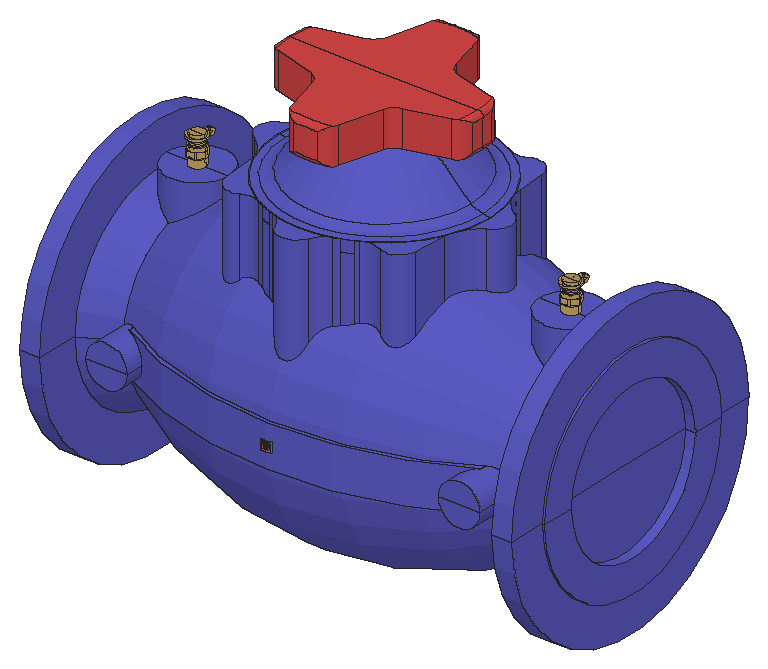
Revit family "Strangregulierventil für Differenzdruckmessung, Geradsitzform 4218 GMF", category Rohrzubehör, Revit 2018 (continued)
Definition of nested family "Messstutzen_Band_Austritt_senkrecht_(oben 25)"
  Forms (mm)
    Extrusion 4, solid, detail levels fine
      sketch origin (12.045, 0, 25.83) x (0, 1, 0) y (0.906308, 0, -0.422618)
        loop
          arc (5.505, -3.906) -> (7.288, -2.358) -> (9.582, -1.8) r 5
          line (9.582, -1.8) -> (9.582, 1.8)
          arc (9.582, 1.8) -> (7.288, 2.358) -> (5.505, 3.906) r 5
          arc (5.505, 3.906) -> (-6.75, 0) -> (5.505, -3.906) r 6.75
      from 0 to -1.5
    Extrusion 5, solid, detail levels fine
      sketch origin (14.022, 0, 30.07) x (0, 1, 0) y (0.906308, 0, -0.422618)
        loop
          circle (0, 0) r 6.1
        loop
          arc (8.652, -4.495) -> (10.493, -2.527) -> (13.089, -1.8) r 5
          line (13.089, -1.8) -> (13.089, 1.8)
          arc (13.089, 1.8) -> (10.493, 2.527) -> (8.652, 4.495) r 5
          arc (8.652, 4.495) -> (-9.75, 0) -> (8.652, -4.495) r 9.75
      from 0 to -1.5
    Sweep 6, solid, detail levels fine
      path origin (0.876, 0.242, 1.118) x (-0.422618, 0, -0.906308) y (0, 1, 0)
        loop
          line (-27.75, 9.582) -> (-27.75, 14.522)
          arc (-27.75, 14.522) -> (-30.089, 16.862) -> (-32.428, 14.522) r 2.339
          line (-32.428, 14.522) -> (-32.428, 13.089)
      profile origin (12.603, 12.294, 26.268) x (0.422618, 0, 0.906308) y (0.906308, 0, -0.422618)
        loop
          line (-0.75, -1.8) -> (0.75, -1.8) -> (0.75, 1.8) -> (-0.75, 1.8) -> (-0.75, -1.8)
  Dimensions and locks
    aligned and locked: level to plane 2
Definition of nested family "Messstutzen_Band_Austritt_senkrecht_(oben 0.8)"
  Parameters (values of type "Messstutzen_Band_Austritt_senkrecht_(oben 0.8)")
    URL = "www.herz-armaturen.at"
    Schutzkappe [instance] = yes
    Nennweite [instance] = 0.00 mm
    Manufacturer = "Herz Armaturen GmbH"  # constant formula
    Gewicht [instance] = 0.00 kg
    Bestellnummer [instance] = 0
  Reference planes
    plane 1 "Mitte (Vorne/hinten)": y = 0
    plane 2: z = 0
    plane 3 "Mitte (Links/rechts)": x = 0
  Forms (mm)
    Revolve 1, solid, detail levels fine
      sketch origin (0, 0, 0) x (0.999903, 0, -0.013962) y (0.013962, 0, 0.999903)
        loop
          line (-7.4, 9) -> (-5.55, 9) -> (-5.55, 6)
          arc (-5.55, 6) -> (-5.626, 5.617) -> (-5.843, 5.293) r 1
          line (-5.843, 5.293) -> (-6.455, 4.681) -> (-6.455, 0.9) -> (-5.555, 0) -> (-2, 0) -> (-2, 17.5) -> (-8.4, 17.5)
          arc (-8.4, 17.5) -> (-7.693, 17.207) -> (-7.4, 16.5) r 1
          line (-7.4, 16.5) -> (-7.4, 9)
        loop
          line (-3.7, 27) -> (-7.3, 27) -> (-7.9, 26.4) -> (-7.9, 23) -> (-2, 23) -> (-2, 35.8) -> (-3.805, 35.8) -> (-4.415, 35.19) -> (-4.415, 30.863) -> (-3.7, 30.45) -> (-3.7, 27)
        axis (0, 0) -> (0, 35.8)
      angle from 0 to 360
    Extrusion 2, solid, detail levels fine
      sketch origin (0.244, 0, 17.498) x (0, 1, 0) y (-0.999903, 0, 0.013962)
        loop
          arc (-7.07, 5.156) -> (-7.578, 4.375) -> (-8, 3.544) r 8.75
          line (-8, 3.544) -> (-8, -3.544)
          arc (-8, -3.544) -> (-7.578, -4.375) -> (-7.07, -5.156) r 8.75
          line (-7.07, -5.156) -> (-0.93, -8.7)
          arc (-0.93, -8.7) -> (0, -8.75) -> (0.93, -8.7) r 8.75
          line (0.93, -8.7) -> (7.07, -5.156)
          arc (7.07, -5.156) -> (7.578, -4.375) -> (8, -3.544) r 8.75
          line (8, -3.544) -> (8, 3.544)
          arc (8, 3.544) -> (7.578, 4.375) -> (7.07, 5.156) r 8.75
          line (7.07, 5.156) -> (0.93, 8.7)
          arc (0.93, 8.7) -> (0, 8.75) -> (-0.93, 8.7) r 8.75
          line (-0.93, 8.7) -> (-7.07, 5.156)
      from 0 to 5.5
    Revolve 3, solid, visible <- "Schutzkappe", detail levels fine
      sketch origin (0, 0, 0) x (0.999903, 0, -0.013962) y (0.013962, 0, 0.999903)
        loop
          line (0, 35.878) -> (0, 36.678) -> (-7, 36.678) -> (-7, 33.378) -> (-6.1, 33.378) -> (-6.1, 31.678) -> (-6.9, 31.678) -> (-6.9, 30.178) -> (-4.415, 30.178) -> (-4.415, 35.268) -> (-3.805, 35.878) -> (0, 35.878)
        axis (0, 30.178) -> (0, 36.678)
      angle from 0 to 360
    Extrusion 4, solid, detail levels fine
      sketch origin (0.398, 0, 28.497) x (0, 1, 0) y (0.999903, 0, -0.013962)
        loop
          circle (0, 0) r 3.7
        loop
          arc (5.505, -3.906) -> (7.288, -2.358) -> (9.582, -1.8) r 5
          line (9.582, -1.8) -> (9.582, 1.8)
          arc (9.582, 1.8) -> (7.288, 2.358) -> (5.505, 3.906) r 5
          arc (5.505, 3.906) -> (-6.75, 0) -> (5.505, -3.906) r 6.75
      from 0 to -1.5
    Extrusion 5, solid, detail levels fine
      sketch origin (0.463, 0, 33.175) x (0, 1, 0) y (0.999903, 0, -0.013962)
        loop
          circle (0, 0) r 6.1
        loop
          arc (8.652, -4.495) -> (10.493, -2.527) -> (13.089, -1.8) r 5
          line (13.089, -1.8) -> (13.089, 1.8)
          arc (13.089, 1.8) -> (10.493, 2.527) -> (8.652, 4.495) r 5
          arc (8.652, 4.495) -> (-9.75, 0) -> (8.652, -4.495) r 9.75
      from 0 to -1.5
    Sweep 6, solid, detail levels fine
      path origin (0.514, 0.493, 1.007) x (-0.013962, 0, -0.999903) y (0, 1, 0)
        loop
          line (-27.75, 9.582) -> (-27.75, 14.522)
          arc (-27.75, 14.522) -> (-30.089, 16.862) -> (-32.428, 14.522) r 2.339
          line (-32.428, 14.522) -> (-32.428, 13.089)
      profile origin (0.901, 12.545, 28.754) x (0.013962, 0, 0.999903) y (0.999903, 0, -0.013962)
        loop
          line (-0.75, -1.8) -> (0.75, -1.8) -> (0.75, 1.8) -> (-0.75, 1.8) -> (-0.75, -1.8)
  Dimensions and locks
    aligned and locked: level to plane 2
Definition of nested family "Messstutzen_Band_Eintritt_senkrecht_(oben 10)"
  Parameters (values of type "Messstutzen_Band_Eintritt_senkrecht_(oben 10)")
    URL = "www.herz-armaturen.at"
    Schutzkappe [instance] = yes
    Nennweite [instance] = 0.00 mm
    Manufacturer = "Herz Armaturen GmbH"  # constant formula
    Gewicht [instance] = 0.00 kg
    Bestellnummer [instance] = 0
  Reference planes
    plane 1 "Mitte (Vorne/hinten)": y = 0
    plane 2: z = 0
    plane 3 "Mitte (Links/rechts)": x = 0
  Forms (mm)
    Revolve 1, solid, detail levels fine
      sketch origin (0, 0, 0) x (0.984808, 0, 0.173648) y (-0.173648, 0, 0.984808)
        loop
          line (-7.4, 9) -> (-5.55, 9) -> (-5.55, 6)
          arc (-5.55, 6) -> (-5.626, 5.617) -> (-5.843, 5.293) r 1
          line (-5.843, 5.293) -> (-6.455, 4.681) -> (-6.455, 0.9) -> (-5.555, 0) -> (-2, 0) -> (-2, 17.5) -> (-8.4, 17.5)
          arc (-8.4, 17.5) -> (-7.693, 17.207) -> (-7.4, 16.5) r 1
          line (-7.4, 16.5) -> (-7.4, 9)
        loop
          line (-3.7, 27) -> (-7.3, 27) -> (-7.9, 26.4) -> (-7.9, 23) -> (-2, 23) -> (-2, 35.8) -> (-3.805, 35.8) -> (-4.415, 35.19) -> (-4.415, 30.863) -> (-3.7, 30.45) -> (-3.7, 27)
        axis (0, 0) -> (0, 35.8)
      angle from 0 to 360
    Extrusion 2, solid, detail levels fine
      sketch origin (-3.039, 0, 17.234) x (0, 1, 0) y (-0.984808, 0, -0.173648)
        loop
          arc (-7.07, 5.156) -> (-7.578, 4.375) -> (-8, 3.544) r 8.75
          line (-8, 3.544) -> (-8, -3.544)
          arc (-8, -3.544) -> (-7.578, -4.375) -> (-7.07, -5.156) r 8.75
          line (-7.07, -5.156) -> (-0.93, -8.7)
          arc (-0.93, -8.7) -> (0, -8.75) -> (0.93, -8.7) r 8.75
          line (0.93, -8.7) -> (7.07, -5.156)
          arc (7.07, -5.156) -> (7.578, -4.375) -> (8, -3.544) r 8.75
          line (8, -3.544) -> (8, 3.544)
          arc (8, 3.544) -> (7.578, 4.375) -> (7.07, 5.156) r 8.75
          line (7.07, 5.156) -> (0.93, 8.7)
          arc (0.93, 8.7) -> (0, 8.75) -> (-0.93, 8.7) r 8.75
          line (-0.93, 8.7) -> (-7.07, 5.156)
      from 0 to 5.5
    Revolve 3, solid, visible <- "Schutzkappe", detail levels fine
      sketch origin (0, 0, 0) x (0.984808, 0, 0.173648) y (-0.173648, 0, 0.984808)
        loop
          line (0, 35.878) -> (0, 36.678) -> (-7, 36.678) -> (-7, 33.378) -> (-6.1, 33.378) -> (-6.1, 31.678) -> (-6.9, 31.678) -> (-6.9, 30.178) -> (-4.415, 30.178) -> (-4.415, 35.268) -> (-3.805, 35.878) -> (0, 35.878)
        axis (0, 30.178) -> (0, 36.678)
      angle from 0 to 360
    Extrusion 4, solid, detail levels fine
      sketch origin (-4.949, 0, 28.067) x (0, 1, 0) y (0.984808, 0, 0.173648)
        loop
          circle (0, 0) r 3.7
        loop
          arc (5.505, -3.906) -> (7.288, -2.358) -> (9.582, -1.8) r 5
          line (9.582, -1.8) -> (9.582, 1.8)
          arc (9.582, 1.8) -> (7.288, 2.358) -> (5.505, 3.906) r 5
          arc (5.505, 3.906) -> (-6.75, 0) -> (5.505, -3.906) r 6.75
      from 0 to -1.5
    Extrusion 5, solid, detail levels fine
      sketch origin (-5.761, 0, 32.674) x (0, 1, 0) y (0.984808, 0, 0.173648)
        loop
          circle (0, 0) r 6.1
        loop
          arc (8.652, -4.495) -> (10.493, -2.527) -> (13.089, -1.8) r 5
          line (13.089, -1.8) -> (13.089, 1.8)
          arc (13.089, 1.8) -> (10.493, 2.527) -> (8.652, 4.495) r 5
          arc (8.652, 4.495) -> (-9.75, 0) -> (8.652, -4.495) r 9.75
      from 0 to -1.5
    Sweep 6, solid, detail levels fine
      path origin (0.6, 0.141, 0.838) x (0.173648, 0, -0.984808) y (0, 1, 0)
        loop
          line (-27.75, 9.582) -> (-27.75, 14.522)
          arc (-27.75, 14.522) -> (-30.089, 16.862) -> (-32.428, 14.522) r 2.339
          line (-32.428, 14.522) -> (-32.428, 13.089)
      profile origin (-4.219, 12.193, 28.166) x (-0.173648, 0, 0.984808) y (0.984808, 0, 0.173648)
        loop
          line (-0.75, -1.8) -> (0.75, -1.8) -> (0.75, 1.8) -> (-0.75, 1.8) -> (-0.75, -1.8)
  Dimensions and locks
    aligned and locked: level to plane 2
Definition of nested family "Messstutzen_Band_Eintritt_senkrecht_(oben 15)"
  Parameters (values of type "Messstutzen_Band_Eintritt_senkrecht_(oben 15)")
    URL = "www.herz-armaturen.at"
    Schutzkappe [instance] = yes
    Nennweite [instance] = 0.00 mm
    Manufacturer = "Herz Armaturen GmbH"  # constant formula
    Gewicht [instance] = 0.00 kg
    Bestellnummer [instance] = 0
  Reference planes
    plane 1 "Mitte (Vorne/hinten)": y = 0
    plane 2: z = 0
    plane 3 "Mitte (Links/rechts)": x = 0
  Forms (mm)
    Revolve 1, solid, detail levels fine
      sketch origin (0, 0, 0) x (0.965926, 0, 0.258819) y (-0.258819, 0, 0.965926)
        loop
          line (-7.4, 9) -> (-5.55, 9) -> (-5.55, 6)
          arc (-5.55, 6) -> (-5.626, 5.617) -> (-5.843, 5.293) r 1
          line (-5.843, 5.293) -> (-6.455, 4.681) -> (-6.455, 0.9) -> (-5.555, 0) -> (-2, 0) -> (-2, 17.5) -> (-8.4, 17.5)
          arc (-8.4, 17.5) -> (-7.693, 17.207) -> (-7.4, 16.5) r 1
          line (-7.4, 16.5) -> (-7.4, 9)
        loop
          line (-3.7, 27) -> (-7.3, 27) -> (-7.9, 26.4) -> (-7.9, 23) -> (-2, 23) -> (-2, 35.8) -> (-3.805, 35.8) -> (-4.415, 35.19) -> (-4.415, 30.863) -> (-3.7, 30.45) -> (-3.7, 27)
        axis (0, 0) -> (0, 35.8)
      angle from 0 to 360
    Extrusion 2, solid, detail levels fine
      sketch origin (-4.529, 0, 16.904) x (0, 1, 0) y (-0.965926, 0, -0.258819)
        loop
          arc (-7.07, 5.156) -> (-7.578, 4.375) -> (-8, 3.544) r 8.75
          line (-8, 3.544) -> (-8, -3.544)
          arc (-8, -3.544) -> (-7.578, -4.375) -> (-7.07, -5.156) r 8.75
          line (-7.07, -5.156) -> (-0.93, -8.7)
          arc (-0.93, -8.7) -> (0, -8.75) -> (0.93, -8.7) r 8.75
          line (0.93, -8.7) -> (7.07, -5.156)
          arc (7.07, -5.156) -> (7.578, -4.375) -> (8, -3.544) r 8.75
          line (8, -3.544) -> (8, 3.544)
          arc (8, 3.544) -> (7.578, 4.375) -> (7.07, 5.156) r 8.75
          line (7.07, 5.156) -> (0.93, 8.7)
          arc (0.93, 8.7) -> (0, 8.75) -> (-0.93, 8.7) r 8.75
          line (-0.93, 8.7) -> (-7.07, 5.156)
      from 0 to 5.5
    Revolve 3, solid, visible <- "Schutzkappe", detail levels fine
      sketch origin (0, 0, 0) x (0.965926, 0, 0.258819) y (-0.258819, 0, 0.965926)
        loop
          line (0, 35.878) -> (0, 36.678) -> (-7, 36.678) -> (-7, 33.378) -> (-6.1, 33.378) -> (-6.1, 31.678) -> (-6.9, 31.678) -> (-6.9, 30.178) -> (-4.415, 30.178) -> (-4.415, 35.268) -> (-3.805, 35.878) -> (0, 35.878)
        axis (0, 30.178) -> (0, 36.678)
      angle from 0 to 360
    Extrusion 4, solid, detail levels fine
      sketch origin (-7.376, 0, 27.529) x (0, 1, 0) y (0.965926, 0, 0.258819)
        loop
          circle (0, 0) r 3.7
        loop
          arc (5.505, -3.906) -> (7.288, -2.358) -> (9.582, -1.8) r 5
          line (9.582, -1.8) -> (9.582, 1.8)
          arc (9.582, 1.8) -> (7.288, 2.358) -> (5.505, 3.906) r 5
          arc (5.505, 3.906) -> (-6.75, 0) -> (5.505, -3.906) r 6.75
      from 0 to -1.5
    Extrusion 5, solid, detail levels fine
      sketch origin (-8.587, 0, 32.048) x (0, 1, 0) y (0.965926, 0, 0.258819)
        loop
          circle (0, 0) r 6.1
        loop
          arc (8.652, -4.495) -> (10.493, -2.527) -> (13.089, -1.8) r 5
          line (13.089, -1.8) -> (13.089, 1.8)
          arc (13.089, 1.8) -> (10.493, 2.527) -> (8.652, 4.495) r 5
          arc (8.652, 4.495) -> (-9.75, 0) -> (8.652, -4.495) r 9.75
      from 0 to -1.5
    Sweep 6, solid, detail levels fine
      path origin (0.468, 0.277, 0.942) x (0.258819, 0, -0.965926) y (0, 1, 0)
        loop
          line (-27.75, 9.582) -> (-27.75, 14.522)
          arc (-27.75, 14.522) -> (-30.089, 16.862) -> (-32.428, 14.522) r 2.339
          line (-32.428, 14.522) -> (-32.428, 13.089)
      profile origin (-6.714, 12.329, 27.747) x (-0.258819, 0, 0.965926) y (0.965926, 0, 0.258819)
        loop
          line (-0.75, -1.8) -> (0.75, -1.8) -> (0.75, 1.8) -> (-0.75, 1.8) -> (-0.75, -1.8)
  Dimensions and locks
    aligned and locked: level to plane 2
Definition of nested family "Messstutzen_Band_Eintritt_senkrecht_(oben 25)"
  Parameters (values of type "Messstutzen_Band_Eintritt_senkrecht_(oben 25)")
    URL = "www.herz-armaturen.at"
    Schutzkappe [instance] = yes
    Nennweite [instance] = 0.00 mm
    Manufacturer = "Herz Armaturen GmbH"  # constant formula
    Gewicht [instance] = 0.00 kg
    Bestellnummer [instance] = 0
  Reference planes
    plane 1 "Mitte (Vorne/hinten)": y = 0
    plane 2: z = 0
    plane 3 "Mitte (Links/rechts)": x = 0
  Forms (mm)
    Revolve 1, solid, detail levels fine
      sketch origin (0, 0, 0) x (0.906308, 0, 0.422618) y (-0.422618, 0, 0.906308)
        loop
          line (-7.4, 9) -> (-5.55, 9) -> (-5.55, 6)
          arc (-5.55, 6) -> (-5.626, 5.617) -> (-5.843, 5.293) r 1
          line (-5.843, 5.293) -> (-6.455, 4.681) -> (-6.455, 0.9) -> (-5.555, 0) -> (-2, 0) -> (-2, 17.5) -> (-8.4, 17.5)
          arc (-8.4, 17.5) -> (-7.693, 17.207) -> (-7.4, 16.5) r 1
          line (-7.4, 16.5) -> (-7.4, 9)
        loop
          line (-3.7, 27) -> (-7.3, 27) -> (-7.9, 26.4) -> (-7.9, 23) -> (-2, 23) -> (-2, 35.8) -> (-3.805, 35.8) -> (-4.415, 35.19) -> (-4.415, 30.863) -> (-3.7, 30.45) -> (-3.7, 27)
        axis (0, 0) -> (0, 35.8)
      angle from 0 to 360
    Extrusion 2, solid, detail levels fine
      sketch origin (-7.396, 0, 15.86) x (0, 1, 0) y (-0.906308, 0, -0.422618)
        loop
          arc (-7.07, 5.156) -> (-7.578, 4.375) -> (-8, 3.544) r 8.75
          line (-8, 3.544) -> (-8, -3.544)
          arc (-8, -3.544) -> (-7.578, -4.375) -> (-7.07, -5.156) r 8.75
          line (-7.07, -5.156) -> (-0.93, -8.7)
          arc (-0.93, -8.7) -> (0, -8.75) -> (0.93, -8.7) r 8.75
          line (0.93, -8.7) -> (7.07, -5.156)
          arc (7.07, -5.156) -> (7.578, -4.375) -> (8, -3.544) r 8.75
          line (8, -3.544) -> (8, 3.544)
          arc (8, 3.544) -> (7.578, 4.375) -> (7.07, 5.156) r 8.75
          line (7.07, 5.156) -> (0.93, 8.7)
          arc (0.93, 8.7) -> (0, 8.75) -> (-0.93, 8.7) r 8.75
          line (-0.93, 8.7) -> (-7.07, 5.156)
      from 0 to 5.5
    Revolve 3, solid, visible <- "Schutzkappe", detail levels fine
      sketch origin (0, 0, 0) x (0.906308, 0, 0.422618) y (-0.422618, 0, 0.906308)
        loop
          line (0, 35.878) -> (0, 36.678) -> (-7, 36.678) -> (-7, 33.378) -> (-6.1, 33.378) -> (-6.1, 31.678) -> (-6.9, 31.678) -> (-6.9, 30.178) -> (-4.415, 30.178) -> (-4.415, 35.268) -> (-3.805, 35.878) -> (0, 35.878)
        axis (0, 30.178) -> (0, 36.678)
      angle from 0 to 360
    Extrusion 4, solid, detail levels fine
      sketch origin (-12.045, 0, 25.83) x (0, 1, 0) y (0.906308, 0, 0.422618)
        loop
          circle (0, 0) r 3.7
        loop
          arc (5.505, -3.906) -> (7.288, -2.358) -> (9.582, -1.8) r 5
          line (9.582, -1.8) -> (9.582, 1.8)
          arc (9.582, 1.8) -> (7.288, 2.358) -> (5.505, 3.906) r 5
          arc (5.505, 3.906) -> (-6.75, 0) -> (5.505, -3.906) r 6.75
      from 0 to -1.5
    Extrusion 5, solid, detail levels fine
      sketch origin (-14.022, 0, 30.07) x (0, 1, 0) y (0.906308, 0, 0.422618)
        loop
          circle (0, 0) r 6.1
        loop
          arc (8.652, -4.495) -> (10.493, -2.527) -> (13.089, -1.8) r 5
          line (13.089, -1.8) -> (13.089, 1.8)
          arc (13.089, 1.8) -> (10.493, 2.527) -> (8.652, 4.495) r 5
          arc (8.652, 4.495) -> (-9.75, 0) -> (8.652, -4.495) r 9.75
      from 0 to -1.5
    Sweep 6, solid, detail levels fine
      path origin (-0.876, 0.242, 1.118) x (0.422618, 0, -0.906308) y (0, 1, 0)
        loop
          line (-27.75, 9.582) -> (-27.75, 14.522)
          arc (-27.75, 14.522) -> (-30.089, 16.862) -> (-32.428, 14.522) r 2.339
          line (-32.428, 14.522) -> (-32.428, 13.089)
      profile origin (-12.603, 12.294, 26.268) x (-0.422618, 0, 0.906308) y (0.906308, 0, 0.422618)
        loop
          line (-0.75, -1.8) -> (0.75, -1.8) -> (0.75, 1.8) -> (-0.75, 1.8) -> (-0.75, -1.8)
  Dimensions and locks
    aligned and locked: level to plane 2
Definition of nested family "Messstutzen_Band_Eintritt_senkrecht_(oben 0.8)"
  Parameters (values of type "Messstutzen_Band_Eintritt_senkrecht_(oben 0.8)")
    URL = "www.herz-armaturen.at"
    Schutzkappe [instance] = yes
    Nennweite [instance] = 0.00 mm
    Manufacturer = "Herz Armaturen GmbH"  # constant formula
    Gewicht [instance] = 0.00 kg
    Bestellnummer [instance] = 0
  Reference planes
    plane 1 "Mitte (Vorne/hinten)": y = 0
    plane 2: z = 0
    plane 3 "Mitte (Links/rechts)": x = 0
  Forms (mm)
    Revolve 1, solid, detail levels fine
      sketch origin (0, 0, 0) x (0.999903, 0, 0.013962) y (-0.013962, 0, 0.999903)
        loop
          line (-7.4, 9) -> (-5.55, 9) -> (-5.55, 6)
          arc (-5.55, 6) -> (-5.626, 5.617) -> (-5.843, 5.293) r 1
          line (-5.843, 5.293) -> (-6.455, 4.681) -> (-6.455, 0.9) -> (-5.555, 0) -> (-2, 0) -> (-2, 17.5) -> (-8.4, 17.5)
          arc (-8.4, 17.5) -> (-7.693, 17.207) -> (-7.4, 16.5) r 1
          line (-7.4, 16.5) -> (-7.4, 9)
        loop
          line (-3.7, 27) -> (-7.3, 27) -> (-7.9, 26.4) -> (-7.9, 23) -> (-2, 23) -> (-2, 35.8) -> (-3.805, 35.8) -> (-4.415, 35.19) -> (-4.415, 30.863) -> (-3.7, 30.45) -> (-3.7, 27)
        axis (0, 0) -> (0, 35.8)
      angle from 0 to 360
    Extrusion 2, solid, detail levels fine
      sketch origin (-0.244, 0, 17.498) x (0, 1, 0) y (-0.999903, 0, -0.013962)
        loop
          arc (-7.07, 5.156) -> (-7.578, 4.375) -> (-8, 3.544) r 8.75
          line (-8, 3.544) -> (-8, -3.544)
          arc (-8, -3.544) -> (-7.578, -4.375) -> (-7.07, -5.156) r 8.75
          line (-7.07, -5.156) -> (-0.93, -8.7)
          arc (-0.93, -8.7) -> (0, -8.75) -> (0.93, -8.7) r 8.75
          line (0.93, -8.7) -> (7.07, -5.156)
          arc (7.07, -5.156) -> (7.578, -4.375) -> (8, -3.544) r 8.75
          line (8, -3.544) -> (8, 3.544)
          arc (8, 3.544) -> (7.578, 4.375) -> (7.07, 5.156) r 8.75
          line (7.07, 5.156) -> (0.93, 8.7)
          arc (0.93, 8.7) -> (0, 8.75) -> (-0.93, 8.7) r 8.75
          line (-0.93, 8.7) -> (-7.07, 5.156)
      from 0 to 5.5
    Revolve 3, solid, visible <- "Schutzkappe", detail levels fine
      sketch origin (0, 0, 0) x (0.999903, 0, 0.013962) y (-0.013962, 0, 0.999903)
        loop
          line (0, 35.878) -> (0, 36.678) -> (-7, 36.678) -> (-7, 33.378) -> (-6.1, 33.378) -> (-6.1, 31.678) -> (-6.9, 31.678) -> (-6.9, 30.178) -> (-4.415, 30.178) -> (-4.415, 35.268) -> (-3.805, 35.878) -> (0, 35.878)
        axis (0, 30.178) -> (0, 36.678)
      angle from 0 to 360
    Extrusion 4, solid, detail levels fine
      sketch origin (-0.398, 0, 28.497) x (0, 1, 0) y (0.999903, 0, 0.013962)
        loop
          circle (0, 0) r 3.7
        loop
          arc (5.505, -3.906) -> (7.288, -2.358) -> (9.582, -1.8) r 5
          line (9.582, -1.8) -> (9.582, 1.8)
          arc (9.582, 1.8) -> (7.288, 2.358) -> (5.505, 3.906) r 5
          arc (5.505, 3.906) -> (-6.75, 0) -> (5.505, -3.906) r 6.75
      from 0 to -1.5
    Extrusion 5, solid, detail levels fine
      sketch origin (-0.463, 0, 33.175) x (0, 1, 0) y (0.999903, 0, 0.013962)
        loop
          circle (0, 0) r 6.1
        loop
          arc (8.652, -4.495) -> (10.493, -2.527) -> (13.089, -1.8) r 5
          line (13.089, -1.8) -> (13.089, 1.8)
          arc (13.089, 1.8) -> (10.493, 2.527) -> (8.652, 4.495) r 5
          arc (8.652, 4.495) -> (-9.75, 0) -> (8.652, -4.495) r 9.75
      from 0 to -1.5
    Sweep 6, solid, detail levels fine
      path origin (0.447, 0.318, 1.252) x (0.013962, 0, -0.999903) y (0, 1, 0)
        loop
          line (-27.75, 9.582) -> (-27.75, 14.522)
          arc (-27.75, 14.522) -> (-30.089, 16.862) -> (-32.428, 14.522) r 2.339
          line (-32.428, 14.522) -> (-32.428, 13.089)
      profile origin (0.059, 12.37, 29) x (-0.013962, 0, 0.999903) y (0.999903, 0, 0.013962)
        loop
          line (-0.75, -1.8) -> (0.75, -1.8) -> (0.75, 1.8) -> (-0.75, 1.8) -> (-0.75, -1.8)
  Dimensions and locks
    aligned and locked: level to plane 2
Definition of nested family "Strangregulierventil-Handrad-Gerade (Rot) DN15-DN40"
  Parameters (values of type "Strangregulierventil-Handrad-Gerade (Rot) DN15-DN40")
    URL = "www.herz-armaturen.at"
    Nennweite [instance] = 0.00 mm
    Manufacturer = "Herz Armaturen GmbH"  # constant formula
    Gewicht [instance] = 0.00 kg
    Bestellnummer [instance] = 0
  Reference planes
    plane 1 "Mitte (Vorne/hinten)": y = 0
    plane 2: z = 0
    plane 3 "Mitte (Links/rechts)": x = 0
  Forms (mm)
    Revolve 1, solid, detail levels fine
      sketch origin (0, 0, 0) x (1, 0, 0) y (0, 0, 1)
        loop
          line (0, 0) -> (0, 24.95) -> (-30.992, 24.95)
          arc (-30.992, 24.95) -> (-34.37, 23.636) -> (-35.973, 20.386) r 5
          line (-35.973, 20.386) -> (-37, 8.65) -> (-35.986, -2.936)
          arc (-35.986, -2.936) -> (-34.383, -6.186) -> (-31.005, -7.5) r 5
          line (-31.005, -7.5) -> (-15, -7.5) -> (-15, 0) -> (0, 0)
        axis (0, 24.95) -> (0, -7.5)
      angle from 0 to 360
    Extrusion 2, void
      sketch origin (0, 0, 20.3) x (1, 0, 0) y (0, 1, 0)
        loop
          line (3.861, 35.5) -> (-3.861, 35.5)
          arc (-3.861, 35.5) -> (-8.731, 33.847) -> (-11.589, 29.571) r 8
          line (-11.589, 29.571) -> (-13.284, 23.245)
          arc (-13.284, 23.245) -> (-13.982, 21.722) -> (-15.144, 20.516) r 5
          arc (-15.144, 20.516) -> (-18.031, 18.031) -> (-20.516, 15.144) r 25.5
          arc (-20.516, 15.144) -> (-21.722, 13.982) -> (-23.245, 13.284) r 5
          line (-23.245, 13.284) -> (-29.571, 11.589)
          arc (-29.571, 11.589) -> (-33.847, 8.731) -> (-35.5, 3.861) r 8
          line (-35.5, 3.861) -> (-35.5, -3.861)
          arc (-35.5, -3.861) -> (-33.847, -8.731) -> (-29.571, -11.589) r 8
          line (-29.571, -11.589) -> (-23.245, -13.284)
          arc (-23.245, -13.284) -> (-21.722, -13.982) -> (-20.516, -15.144) r 5
          arc (-20.516, -15.144) -> (-18.031, -18.031) -> (-15.144, -20.516) r 25.5
          arc (-15.144, -20.516) -> (-13.982, -21.722) -> (-13.284, -23.245) r 5
          line (-13.284, -23.245) -> (-11.589, -29.571)
          arc (-11.589, -29.571) -> (-8.731, -33.847) -> (-3.861, -35.5) r 8
          line (-3.861, -35.5) -> (3.861, -35.5)
          arc (3.861, -35.5) -> (8.731, -33.847) -> (11.589, -29.571) r 8
          line (11.589, -29.571) -> (13.284, -23.245)
          arc (13.284, -23.245) -> (13.982, -21.722) -> (15.144, -20.516) r 5
          arc (15.144, -20.516) -> (18.031, -18.031) -> (20.516, -15.144) r 25.5
          arc (20.516, -15.144) -> (21.722, -13.982) -> (23.245, -13.284) r 5
          line (23.245, -13.284) -> (29.571, -11.589)
          arc (29.571, -11.589) -> (33.847, -8.731) -> (35.5, -3.861) r 8
          line (35.5, -3.861) -> (35.5, 3.861)
          arc (35.5, 3.861) -> (33.847, 8.731) -> (29.571, 11.589) r 8
          line (29.571, 11.589) -> (23.245, 13.284)
          arc (23.245, 13.284) -> (21.722, 13.982) -> (20.516, 15.144) r 5
          arc (20.516, 15.144) -> (18.031, 18.031) -> (15.144, 20.516) r 25.5
          arc (15.144, 20.516) -> (13.982, 21.722) -> (13.284, 23.245) r 5
          line (13.284, 23.245) -> (11.589, 29.571)
          arc (11.589, 29.571) -> (8.731, 33.847) -> (3.861, 35.5) r 8
        loop
          circle (0, 0) r 38
      from -31.266 to 7.923
  Cuts and joins
    Extrusion 2 cuts Revolve 1
  Dimensions and locks
    Revolve 1 sketch curve to Revolve 1 sketch curve = 15.00 mm
    Revolve 1 sketch curve to Revolve 1 sketch curve = 16.15 mm
    Revolve 1 sketch curve to Revolve 1 sketch curve = 16.30 mm
    angle Revolve 1 sketch curve to Revolve 1 sketch curve = 95.00°
    aligned and locked: level to plane 2
Definition of nested family "Strangregulierventil-Handrad-Gerade (Rot) DN50-DN80"
  Parameters (values of type "Strangregulierventil-Handrad-Gerade (Rot) DN50-DN80")
    URL = "www.herz-armaturen.at"
    Nennweite [instance] = 0.00 mm
    Manufacturer = "Herz Armaturen GmbH"  # constant formula
    Gewicht [instance] = 0.00 kg
    Bestellnummer [instance] = 0
  Reference planes
    plane 1 "Mitte (Vorne/hinten)": y = 0
    plane 2: z = 0
    plane 3 "Mitte (Links/rechts)": x = 0
  Forms (mm)
    Revolve 1, solid, detail levels fine
      sketch origin (0, 0, 0) x (1, 0, 0) y (0, 0, 1)
        loop
          line (0, 0) -> (0, 24.95) -> (-50.992, 24.95)
          arc (-50.992, 24.95) -> (-54.37, 23.636) -> (-55.973, 20.386) r 5
          line (-55.973, 20.386) -> (-57, 8.65) -> (-55.986, -2.936)
          arc (-55.986, -2.936) -> (-54.383, -6.186) -> (-51.005, -7.5) r 5
          line (-51.005, -7.5) -> (-15, -7.5) -> (-15, 0) -> (0, 0)
        axis (0, 24.95) -> (0, -7.5)
      angle from 0 to 360
    Extrusion 2, void
      sketch origin (0, 0, 20.3) x (1, 0, 0) y (0, 1, 0)
        loop
          line (-55, 6.292) -> (-55, -6.292)
          arc (-55, -6.292) -> (-52.52, -13.597) -> (-46.106, -17.883) r 12
          line (-46.106, -17.883) -> (-35.399, -20.752)
          arc (-35.399, -20.752) -> (-33.541, -21.612) -> (-32.08, -23.047) r 6
          arc (-32.08, -23.047) -> (-27.931, -27.931) -> (-23.047, -32.08) r 39.5
          arc (-23.047, -32.08) -> (-21.612, -33.541) -> (-20.752, -35.399) r 6
          line (-20.752, -35.399) -> (-17.883, -46.106)
          arc (-17.883, -46.106) -> (-13.597, -52.52) -> (-6.292, -55) r 12
          line (-6.292, -55) -> (6.292, -55)
          arc (6.292, -55) -> (13.597, -52.52) -> (17.883, -46.106) r 12
          line (17.883, -46.106) -> (20.752, -35.399)
          arc (20.752, -35.399) -> (21.612, -33.541) -> (23.047, -32.08) r 6
          arc (23.047, -32.08) -> (27.931, -27.931) -> (32.08, -23.047) r 39.5
          arc (32.08, -23.047) -> (33.541, -21.612) -> (35.399, -20.752) r 6
          line (35.399, -20.752) -> (46.106, -17.883)
          arc (46.106, -17.883) -> (52.52, -13.597) -> (55, -6.292) r 12
          line (55, -6.292) -> (55, 6.292)
          arc (55, 6.292) -> (52.52, 13.597) -> (46.106, 17.883) r 12
          line (46.106, 17.883) -> (35.399, 20.752)
          arc (35.399, 20.752) -> (33.541, 21.612) -> (32.08, 23.047) r 6
          arc (32.08, 23.047) -> (27.931, 27.931) -> (23.047, 32.08) r 39.5
          arc (23.047, 32.08) -> (21.612, 33.541) -> (20.752, 35.399) r 6
          line (20.752, 35.399) -> (17.883, 46.106)
          arc (17.883, 46.106) -> (13.597, 52.52) -> (6.292, 55) r 12
          line (6.292, 55) -> (-6.292, 55)
          arc (-6.292, 55) -> (-13.597, 52.52) -> (-17.883, 46.106) r 12
          line (-17.883, 46.106) -> (-20.752, 35.399)
          arc (-20.752, 35.399) -> (-21.612, 33.541) -> (-23.047, 32.08) r 6
          arc (-23.047, 32.08) -> (-27.931, 27.931) -> (-32.08, 23.047) r 39.5
          arc (-32.08, 23.047) -> (-33.541, 21.612) -> (-35.399, 20.752) r 6
          line (-35.399, 20.752) -> (-46.106, 17.883)
          arc (-46.106, 17.883) -> (-52.52, 13.597) -> (-55, 6.292) r 12
        loop
          circle (0, 0) r 60
      from -31.161 to 7.489
  Cuts and joins
    Extrusion 2 cuts Revolve 1
  Dimensions and locks
    Revolve 1 sketch curve to Revolve 1 sketch curve = 15.00 mm
    Revolve 1 sketch curve to Revolve 1 sketch curve = 16.15 mm
    Revolve 1 sketch curve to Revolve 1 sketch curve = 16.30 mm
    Revolve 1 sketch curve to Revolve 1 sketch curve = 57.00 mm
    angle Revolve 1 sketch curve to Revolve 1 sketch curve = 95.00°
    aligned and locked: level to plane 2
Definition of nested family "Strangregulierventil-Handrad-Gerade (Rot) DN100-DN150"
  Parameters (values of type "Strangregulierventil-Handrad-Gerade (Rot) DN100-DN150")
    URL = "www.herz-armaturen.at"
    Nennweite [instance] = 0.00 mm
    Manufacturer = "Herz Armaturen GmbH"  # constant formula
    Gewicht [instance] = 0.00 kg
    Bestellnummer [instance] = 0
  Reference planes
    plane 1 "Mitte (Vorne/hinten)": y = 0
    plane 2: z = 0
    plane 3 "Mitte (Links/rechts)": x = 0
  Forms (mm)
    Revolve 1, solid, detail levels fine
      sketch origin (0, 0, 0) x (1, 0, 0) y (0, 0, 1)
        loop
          line (0, 0) -> (0, 20.8) -> (-90.019, 20.8)
          arc (-90.019, 20.8) -> (-93.397, 19.486) -> (-95, 16.236) r 5
          line (-95, 16.236) -> (-95, -9.166)
          arc (-95, -9.166) -> (-93.362, -12.33) -> (-90.032, -13.6) r 5
          line (-90.032, -13.6) -> (-20, -13.6) -> (-20, 0) -> (0, 0)
        axis (0, 20.8) -> (0, -13.6)
      angle from 0 to 360
    Extrusion 2, void
      sketch origin (0, 0, 20.3) x (1, 0, 0) y (0, 1, 0)
        loop
          circle (0, 0) r 110
        loop
          arc (-8.5, 94.619) -> (-17.649, 91.506) -> (-23, 83.46) r 15
          line (-23, 83.46) -> (-33.535, 44.142)
          arc (-33.535, 44.142) -> (-37.417, 37.417) -> (-44.142, 33.535) r 15
          line (-44.142, 33.535) -> (-83.46, 23)
          arc (-83.46, 23) -> (-91.506, 17.649) -> (-94.619, 8.5) r 15
          arc (-94.619, 8.5) -> (-95, 0) -> (-94.619, -8.5) r 95
          arc (-94.619, -8.5) -> (-91.506, -17.649) -> (-83.46, -23) r 15
          line (-83.46, -23) -> (-44.142, -33.535)
          arc (-44.142, -33.535) -> (-37.417, -37.417) -> (-33.535, -44.142) r 15
          line (-33.535, -44.142) -> (-23, -83.46)
          arc (-23, -83.46) -> (-17.649, -91.506) -> (-8.5, -94.619) r 15
          arc (-8.5, -94.619) -> (0, -95) -> (8.5, -94.619) r 95
          arc (8.5, -94.619) -> (17.649, -91.506) -> (23, -83.46) r 15
          line (23, -83.46) -> (33.535, -44.142)
          arc (33.535, -44.142) -> (37.417, -37.417) -> (44.142, -33.535) r 15
          line (44.142, -33.535) -> (83.46, -23)
          arc (83.46, -23) -> (91.506, -17.649) -> (94.619, -8.5) r 15
          arc (94.619, -8.5) -> (95, 0) -> (94.619, 8.5) r 95
          arc (94.619, 8.5) -> (91.506, 17.649) -> (83.46, 23) r 15
          line (83.46, 23) -> (44.142, 33.535)
          arc (44.142, 33.535) -> (37.417, 37.417) -> (33.535, 44.142) r 15
          line (33.535, 44.142) -> (23, 83.46)
          arc (23, 83.46) -> (17.649, 91.506) -> (8.5, 94.619) r 15
          arc (8.5, 94.619) -> (0, 95) -> (-8.5, 94.619) r 95
      from -51.286 to 22
  Cuts and joins
    Extrusion 2 cuts Revolve 1
  Dimensions and locks
    Revolve 1 sketch curve to Revolve 1 sketch curve = 20.00 mm
    Revolve 1 sketch curve to Revolve 1 sketch curve = 95.00 mm
    Revolve 1 sketch curve to Revolve 1 sketch curve = 34.40 mm
    plane 2 to Revolve 1 sketch curve = 13.60 mm
    aligned and locked: level to plane 2
